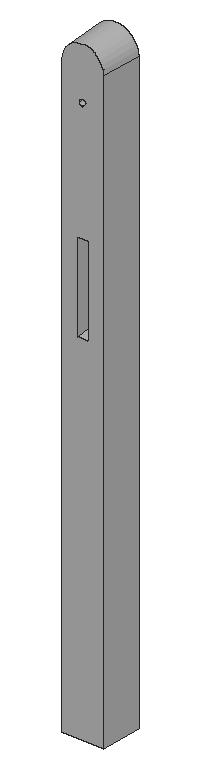
Revit family "P126 Gate Post", category Generic Models, Revit 2020
Family settings
  Can host rebar = No
  Round Connector Dimension = Use Diameter
  Part Type = Normal
  Work Plane-Based = No
  Always vertical = Yes
  Cut with Voids When Loaded = No
  Shared = No
  Room Calculation Point = No
Parameters
  Weight = "130Kg"
  Warranty Guarantor Parts = "n/a"
  Warranty Guarantor Labour = "n/a"
  Warranty Duration Unit = "n/a"
  Warranty Duration Parts = "n/a"
  Warranty Duration Labour = "n/a"
  Warranty Description = "n/a"
  Unit Width [instance] = 170 mm
  Unit Length [instance] = 150 mm
  Unit Height [instance] = 2300 mm
  URL = "www.killeshal.com"
  Types = "Single"
  Type Comments = "Visit our website for a full list of available products."
  Sustainability Performance = "n/a"
  Structural Class = "n/a"
  Span = "n/a"
  Slope = "n/a"
  Size = "170mm wide x 150mm long x 2300mm high."
  Shape = "As per drawing."
  Service Life = "0.000000"
  Serial Number = "n/a"
  Resistance to Fire = "n/a"
  Replacement Cost = "n/a"
  Reference = "n/a"
  Notified Body = "n/a"
  Nominal Cover to Main Bar = "n/a"
  Model = "P/126 Gate Post"
  Mechanical Resistance = "n/a"
  Manufacturer = "Killeshal Precast Concrete Ltd."
  Load Bearing = no
  Life Cycle Environmental Load = "n/a"
  Length Options = "2300mm"
  Keynote = "The information contained is the sole property of KPC Ltd., any reproduction in part or whole without permission of KPC Ltd. is prohibited."
  Environmental Product Declaration = "n/a"
  Environmental Class = "n/a"
  Durability against Corrosion = "Design specification and critical dimensions as per product drawings."
  Dimension Accuracy Class = "n/a"
  Detailing = "As per design specifiaction and production drawings."
  Description = "7' 6\" Gate Post"
  Default Elevation = 0 mm
  Dangerous Substances = "No Exposure."
  Contact Tel = "0035357 9353018"
  Contact Email = "sales@killeshal.com"
  Construction Type = "Precast"
  Construction Tolerance Class = "n/a"
  Compressive Strength of Concrete = "n/a"
  Characteristics of Reinforcing Steel = "n/a"
  Characteristics Deflection Under Load = "n/a"
Reference planes
  plane 1 "Center (Front/Back)": y = 0
  plane 2: z = 0
  plane 3 "Center (Left/Right)": x = 0
  plane 4: x = 85
  plane 5: x = -85
  plane 6: y = -75
  plane 7: y = 75
  plane 8: x = -77.5
  plane 9: x = 77.5
  plane 10: z = 2100
  plane 11: z = 2300
  plane 12: z = 1650
  plane 13: z = 1320
  plane 14: x = -20
  plane 15: x = 20
  plane 16: z = 1630
  plane 17: z = 1340
  plane 18: z = 2215
  plane 19: z = 2222.5
Forms (mm)
  Extrusion 1, solid, material "Precast Concrete (KPC)"
    sketch origin (0, 0, 0) x (1, 0, 0) y (0, 1, 0)
      loop
        line (-85, 75) -> (-77.5, -75) -> (77.5, -75) -> (85, 75) -> (-85, 75)
    from 0 to 2300
  Extrusion 2, void
    sketch origin (0, 0, 1547) x (1, 0, 0) y (0, 0, 1)
      loop
        circle (0, 553) r 12.5
    from -75 to 75
  Blend 3, void
    base sketch origin (0, 0, 0) x (1, 0, 0) y (0, 0, 1)
      loop
        line (-20, 1340) -> (20, 1340) -> (20, 1630) -> (-20, 1630) -> (-20, 1340)
    top sketch origin (0, 0, 0) x (1, 0, 0) y (0, 0, 1)
      loop
        line (-20, 1320) -> (20, 1320) -> (20, 1650) -> (-20, 1650) -> (-20, 1320)
    from -75 to 75
  Blend 4, void
    base sketch origin (0, 0, 0) x (1, 0, 0) y (0, 0, 1)
      loop
        line (85, 2215) -> (85, 2310) -> (-85, 2310) -> (-85, 2215)
        arc (-85, 2215) -> (0, 2300) -> (85, 2215) r 85
    top sketch origin (0, 0, 0) x (1, 0, 0) y (0, 0, 1)
      loop
        line (77.5, 2215) -> (77.5, 2300) -> (-77.5, 2300) -> (-77.5, 2215)
        arc (-77.5, 2215) -> (0, 2292.5) -> (77.5, 2215) r 77.5
    from -75 to 75
Cuts and joins
  Extrusion 2, Blend 3, Blend 4 cuts Extrusion 1
Lines and regions (mm)
  reference lines
    curve 1: arc (77.5, 0, 2215) -> (0, 0, 2292.5) -> (-77.5, 0, 2215) r 77.5
Dimensions and locks
  "Unit Height": plane 11 to level
  "Unit Width": plane 5 to plane 4
  plane 8 to plane 9 = 155 mm  (x2)
  "Unit Length": plane 7 to plane 6
  plane 11 to plane 10 = 200 mm
  plane 10 to plane 12 = 450 mm
  plane 12 to plane 13 = 330 mm
  plane 12 to plane 16 = 20 mm
  plane 17 to plane 13 = 20 mm
  plane 14 to plane 15 = 40 mm
  plane 5 to plane 4 = 170 mm
  plane 7 to plane 6 = 150 mm
  plane 11 to level = 2300 mm
  diameter of cut or joined group of Extrusion 1, Extrusion 2, Blend 3, Blend 4 = 25 mm
  aligned and locked: level to plane 2
Automatic sketch dimensions
  Extrusion 1 sketch curve to plane 5 = 0 mm
  Extrusion 1 sketch curve to plane 6 = 0 mm
  Extrusion 1 sketch curve to plane 8 = 0 mm
  Extrusion 1 sketch curve to plane 9 = 0 mm
  Extrusion 1 sketch curve to plane 4 = 0 mm
  Extrusion 1 sketch curve to plane 7 = 0 mm
  plane 8 to curve 1 = 0 mm
  curve 1 to plane 3 "Center (Left/Right)" = 0 mm
  curve 1 to plane 18 = 0 mm
  Extrusion 2 sketch curve to plane 3 "Center (Left/Right)" = 0 mm
  Extrusion 2 sketch curve to plane 10 = 0 mm
  plane 14 to Blend 3 sketch curve = 0 mm  (x2)
  plane 15 to Blend 3 sketch curve = 0 mm  (x2)
  Blend 3 sketch curve to plane 17 = 0 mm
  Blend 3 sketch curve to plane 16 = 0 mm
  Blend 3 sketch curve to plane 12 = 0 mm
  Blend 3 sketch curve to plane 13 = 0 mm
  plane 5 to Blend 4 sketch curve = 0 mm
  Blend 4 sketch curve to plane 3 "Center (Left/Right)" = 0 mm  (x2)
  Blend 4 sketch curve to plane 18 = 0 mm  (x2)
  plane 11 to Blend 4 sketch curve = 10 mm
  plane 8 to Blend 4 sketch curve = 0 mm
  Blend 4 sketch curve to plane 11 = 0 mm
  radius of Extrusion 2 sketch curve = 12.5 mm
